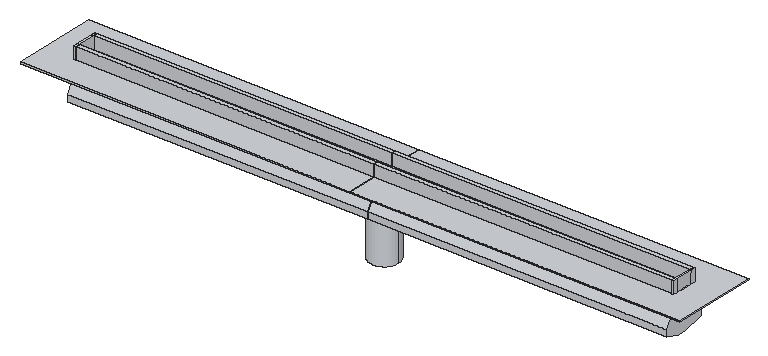
Revit family "Schlitzrinne mit Kleberand und Zarge", category Sanitärinstallationen, Revit 2020
Family settings
  Bemaßung runder Anschluss = Durchmesser verwenden
  Teiletyp = Normal
  Arbeitsebenenbasiert = Nein
  Immer vertikal = Ja
  Beim Laden mit Abzugskörper schneiden = Nein
  Gemeinsam genutzt = Nein
  Raumberechnungspunkt = Nein
Parameters
  Übergangsbride [instance] = no
  Zarge rechts [instance] = no
  Zarge links [instance] = no
  Vorgabe-Ansicht = 0 mm
  Verbindungsbügel [instance] = L Links + L Rechts  # 1000 mm
  URL = "https://www.resitec.ch/"
  Tragstab 30mm [instance] = yes
  Tragstab 25mm [instance] = no
  Tragstab 20mm [instance] = no
  Rost innen ref [instance] = Rinnen Breite innen  # 30 mm
  Rinnen Tiefe [instance] = 70 mm  # constant formula
  Rinnen Breite rechts [instance] = 500 mm
  Rinnen Breite links [instance] = 500 mm
  Rinnen Breite innen [instance] = 30 mm  # constant formula
  Rechts [instance] = yes
  RS_s002 = 2 mm  # constant formula
  RS_s001 = 3 mm  # constant formula
  RS_rechtsKR [instance] = if(RS_ZargRon, L Rechts, L Rechts + RS_KR)  # 550 mm
  RS_min80 [instance] = if(Rinnen Tiefe < 80 mm, 80 mm, Rinnen Tiefe)  # 80 mm
  RS_linksKR [instance] = if(RS_ZargLon, L Links, L Links + RS_KR)  # 550 mm
  RS_hts [instance] = if(Tragstab 20mm, 1 mm, if(Tragstab 25mm, 2 mm, if(Tragstab 30mm, 3 mm, 3 mm)))  # 3 mm
  RS_gefun [instance] = 60 mm
  RS_gefob [instance] = 40 mm
  RS_dpschon [instance] = yes
  RS_dimmin95 [instance] = 100 mm
  RS_dimk001 = 115 mm  # constant formula
  RS_dim001 = 20 mm  # constant formula
  RS_dim002 [instance] = 20 mm  # constant formula
  RS_dim003 [instance] = if(Rinnen Tiefe < RS_dim002, RS_dim002 + RS_s002, Rinnen Tiefe)  # 70 mm
  RS_dia002 = 110 mm
  RS_dia001 = 151 mm
  RS_breite Rand [instance] = 6.5 mm
  RS_ZargRon [instance] = Zarge rechts  # no
  RS_ZargLon [instance] = Zarge links  # no
  RS_RohrL [instance] = if(Länge Rohr < RS_gefun, ((RS_gefun + 10 mm) - RS_gefob), Länge Rohr)  # 150 mm
  RS_RinneRon [instance] = Rechts  # yes
  RS_RinneLon [instance] = Links  # yes
  RS_KRvorne [instance] = (Breite Aussen ref / 2) + RS_KR  # 71.5 mm
  RS_KRr [instance] = and(Rechts, Kleberand)  # yes
  RS_KRon [instance] = Kleberand  # yes
  RS_KRl [instance] = and(Links, Kleberand)  # yes
  RS_KRhinten [instance] = (Breite Aussen ref / 2) + RS_KR  # 71.5 mm
  RS_KR [instance] = 50 mm  # constant formula
  RS_Hzarge [instance] = H Zarge  # 50 mm
  RS_DN2 = 0 mm
  RS_DN1d [instance] = D  # 48.3 mm
  RS_DN1 = 100 mm  # constant formula
  RS_URL = "https://resitec.ch/entwaesserungstechnik/entwaesserungsrinnen/rinnen/"
  RS_Rost_Typ [instance] = ""
  RS_Manufacture = "Resitec"  # constant formula
  RS_Description [instance] = "mit Gefälle"
  RS_Articelnumber [instance] = "Entwässerungsrinne"
  Länge Rohr [instance] = 150 mm
  Links [instance] = yes
  L Rechts Innen ref [instance] = L Rechts - RS_breite Rand  # 493.5 mm
  L Rechts [instance] = Rinnen Breite rechts  # 500 mm
  L Links innen ref [instance] = L Links - RS_breite Rand  # 493.5 mm
  L Links [instance] = Rinnen Breite links  # 500 mm
  Kleberand [instance] = yes
  Hersteller = RS_Manufacture  # "Resitec"
  H Zarge [instance] = 50 mm
  D [instance] = 48.3 mm
  Breite Innen ref [instance] = 20 mm
  Breite Aussen ref [instance] = Rinnen Breite innen + (2 * RS_breite Rand)  # 43 mm
  Description = ""
  Baugruppenkennzeichen = "D2030300"
  Anschlusswert DU L/s = 0
Reference planes
  plane 1 "Mitte (Vorne/hinten)": y = 0
  plane 2: z = 0
  plane 3 "Mitte (Links/rechts)": x = 0
  plane 4: x = -500
  plane 5: x = 500
  plane 6: y = 10
  plane 7: y = -10
  plane 8: y = 21.5
  plane 9: y = -21.5
  plane 10: x = -493.5
  plane 11: x = 493.5
  plane 12 "ebeneKBlech": z = -20
  plane 13 "lvdim002": z = -20
  plane 14: y = 57.5
  plane 15: y = -57.5
  plane 16: y = 71.5
  plane 17: x = 550
  plane 18: y = -71.5
  plane 19: x = -550
  plane 20: z = -150
  plane 21: x = -492.5
  plane 22: y = -9
  plane 23: x = 492.5
  plane 24: y = 9
  plane 25: z = -70
  plane 26 "0001": x = -75.5
  plane 27: y = -75.5
  plane 28: y = 75.5
  plane 29: x = 75.5
  plane 30: x = -73.5
  plane 31: y = -73.5
  plane 32: y = 73.5
  plane 33: x = 73.5
  plane 34: y = 72.5
  plane 35: x = 72.5
  plane 36: y = -72.5
  plane 37: x = -72.5
  plane 38: y = 125.5
  plane 39: x = 125.5
  plane 40: y = -125.5
  plane 41: x = -125.5
  plane 42: y = 15
  plane 43: y = -15
  plane 44 "min80": z = -80
  plane 45: z = 30
Forms (mm)
  Extrusion 1, solid, visible <- "RS_KRl"
    sketch origin (0, 0, -20) x (-1, 0, 0) y (0, -1, 0)
      loop
        line (550, -71.5) -> (550, 71.5) -> (0, 71.5) -> (0, -21.5) -> (0, -71.5) -> (550, -71.5)
    from 0 to -1.8
  Extrusion 2, solid
    sketch origin (0, 0, -40) x (-1, 0, 0) y (0, -1, 0)
      loop
        circle (0, 0) r 24.15
    from -40 to -110
  Extrusion 3, solid, visible <- "RS_KRr"
    sketch origin (0, 0, -20) x (-1, 0, 0) y (0, -1, 0)
      loop
        line (0, -71.5) -> (0, 71.5) -> (-550, 71.5) -> (-550, -71.5) -> (0, -71.5)
    from 0 to -1.8
  Extrusion 4, solid, visible <- "RS_RinneRon"
    sketch origin (0, 0, -20) x (-1, 0, 0) y (0, -1, 0)
      loop
        line (0, -21.5) -> (0, -15) -> (-500, -15) -> (-500, -21.5) -> (0, -21.5)
      loop
        line (-500, 15) -> (0, 15) -> (0, 21.5) -> (-500, 21.5) -> (-500, 15)
    from 0 to 20
  Extrusion 5, solid, visible <- "RS_RinneLon"
    sketch origin (0, 0, -20) x (1, 0, 0) y (0, 1, 0)
      loop
        line (0, 21.5) -> (-500, 21.5) -> (-500, 15) -> (0, 15) -> (0, 21.5)
      loop
        line (-500, -15) -> (-500, -21.5) -> (0, -21.5) -> (0, -15) -> (-500, -15)
    from 0 to 20
  Extrusion 6, solid, visible <- "RS_RinneRon"
    sketch origin (75.5, 270.325, 1200) x (0, 1, 0) y (0, 0, -1)
      loop
        line (-264.325, 1220) -> (-235.325, 1267.053) -> (-235.325, 1277.053) -> (-269.705, 1285) -> (-280.325, 1285) -> (-305.325, 1277.053) -> (-305.325, 1267.053) -> (-276.325, 1220) -> (-264.325, 1220)
    from 75.5 to -424.5
  Extrusion 7, solid, visible <- "RS_RinneLon"
    sketch origin (-75.5, 270.325, 1200) x (0, 1, 0) y (0, 0, 1)
      loop
        line (-268.654, -1220) -> (-280.325, -1220) -> (-305.325, -1267.053) -> (-305.325, -1277.053) -> (-280.325, -1285) -> (-269.705, -1285) -> (-235.325, -1277.053) -> (-235.325, -1267.053) -> (-268.654, -1220)
    from 75.5 to -424.5
  Extrusion 8, solid, visible <- "RS_ZargLon"
    sketch origin (0, 0, -20) x (-1, 0, 0) y (0, -1, 0)
      loop
        line (550, -71.5) -> (550, 71.5) -> (548, 71.5) -> (548, -71.5) -> (550, -71.5)
    from 0 to 50
  Extrusion 9, solid, visible <- "RS_ZargRon"
    sketch origin (0, 0, -20) x (-1, 0, 0) y (0, -1, 0)
      loop
        line (-550, -71.5) -> (-548, -71.5) -> (-548, 71.5) -> (-550, 71.5) -> (-550, -71.5)
    from 0 to 50
  Extrusion 10, solid
    sketch origin (0, 0, -20) x (-1, 0, 0) y (0, -1, 0)
      loop
        line (500, -21.5) -> (500, 21.5) -> (497, 21.5) -> (497, -21.5) -> (500, -21.5)
    from 0 to 20
  Extrusion 11, solid
    sketch origin (0, 0, -20) x (-1, 0, 0) y (0, -1, 0)
      loop
        line (-500, -21.5) -> (-497, -21.5) -> (-497, 21.5) -> (-500, 21.5) -> (-500, -21.5)
    from 0 to 20
Dimensions and locks
  equal spacing: plane 7, plane 1 "Mitte (Vorne/hinten)", plane 6
  "L Links": plane 4 to plane 3 "Mitte (Links/rechts)"
  "L Rechts": plane 3 "Mitte (Links/rechts)" to plane 5
  "Breite Innen ref": plane 6 to plane 7
  equal spacing: plane 9, plane 1 "Mitte (Vorne/hinten)", plane 8
  "Breite Aussen ref": plane 8 to plane 9
  "L Links innen ref": plane 10 to plane 3 "Mitte (Links/rechts)"
  "L Rechts Innen ref": plane 3 "Mitte (Links/rechts)" to plane 11
  "RS_dim001": level to plane 12 "ebeneKBlech"
  "RS_dim002": level to plane 13 "lvdim002"
  equal spacing: plane 15, plane 1 "Mitte (Vorne/hinten)", plane 14
  "RS_dimk001": plane 14 to plane 15
  "RS_linksKR": plane 19 to plane 3 "Mitte (Links/rechts)"
  "RS_rechtsKR": plane 3 "Mitte (Links/rechts)" to plane 17
  "RS_KRhinten": plane 1 "Mitte (Vorne/hinten)" to plane 16
  "RS_KRvorne": plane 18 to plane 1 "Mitte (Vorne/hinten)"
  locked: plane 24 to plane 6 at 1
  locked: plane 10 to plane 21 at 1
  locked: plane 23 to plane 11 at 1
  locked: plane 22 to plane 7 at 1
  plane 12 "ebeneKBlech" to Extrusion 1 = 1.8 mm
  "RS_dim003": level to plane 25
  "Länge Rohr": level to plane 20
  equal spacing: plane 27, plane 1 "Mitte (Vorne/hinten)", plane 28
  equal spacing: plane 26 "0001", plane 3 "Mitte (Links/rechts)", plane 29
  "RS_dia001": plane 26 "0001" to plane 29
  "RS_dia001": plane 28 to plane 27
  "RS_s002": plane 28 to plane 32
  "RS_s002": plane 33 to plane 29
  "RS_s002": plane 31 to plane 27
  "RS_s002": plane 26 "0001" to plane 30
  locked: plane 30 to plane 37 at 1
  locked: plane 35 to plane 33 at 1
  locked: plane 32 to plane 34 at 1
  locked: plane 36 to plane 31 at 1
  "RS_KR": plane 41 to plane 26 "0001"
  "RS_KR": plane 29 to plane 39
  "RS_KR": plane 38 to plane 28
  "RS_KR": plane 27 to plane 40
  locked: plane 12 "ebeneKBlech" to Extrusion 1 at 1.8
  equal spacing: plane 42, plane 1 "Mitte (Vorne/hinten)", plane 43
  "Rost innen ref": plane 42 to plane 43
  "RS_min80": level to plane 44 "min80"
  plane 12 "ebeneKBlech" to Extrusion 6 sketch curve = 47.053 mm  (x2)
  plane 12 "ebeneKBlech" to Extrusion 6 sketch curve = 57.053 mm  (x2)
  equal spacing: Extrusion 6 sketch curve, plane 1 "Mitte (Vorne/hinten)", Extrusion 6 sketch curve
  Extrusion 6 sketch curve to Extrusion 6 sketch curve = 70 mm
  plane 12 "ebeneKBlech" to Extrusion 6 sketch curve = 65 mm
  plane 12 "ebeneKBlech" to Extrusion 6 = 65 mm
  plane 12 "ebeneKBlech" to Extrusion 7 sketch curve = 57.053 mm  (x2)
  plane 12 "ebeneKBlech" to Extrusion 7 sketch curve = 47.053 mm  (x2)
  equal spacing: Extrusion 6, plane 1 "Mitte (Vorne/hinten)", Extrusion 6
  Extrusion 6 to Extrusion 6 = 70 mm
  locked: plane 12 "ebeneKBlech" to Extrusion 6 at 65
  Extrusion 6 to plane 12 "ebeneKBlech" = 65 mm
  plane 12 "ebeneKBlech" to Extrusion 7 sketch curve = 65 mm
  equal spacing: Extrusion 7 sketch curve, plane 1 "Mitte (Vorne/hinten)", Extrusion 7 sketch curve
  Extrusion 7 sketch curve to Extrusion 7 sketch curve = 70 mm
  plane 3 "Mitte (Links/rechts)" to Extrusion 6 = 500 mm
  "RS_s002": plane 19 to Extrusion 8 sketch curve
  "RS_s002": Extrusion 9 sketch curve to plane 17
  "RS_Hzarge": plane 45 to plane 12 "ebeneKBlech"
  "RS_s001": plane 4 to Extrusion 10 sketch curve
  "RS_s001": plane 4 to Extrusion 10
  "RS_s001": Extrusion 11 sketch curve to plane 5
  "RS_s001": Extrusion 11 to plane 5
  "RS_DN1d": diameter of Extrusion 2 sketch curve
  angle Extrusion 6 sketch curve to Extrusion 6 sketch curve = 63.2927°
  angle Extrusion 6 sketch curve to Extrusion 6 sketch curve = 149.352°
  angle Extrusion 6 to Extrusion 6 = 149.352°
  angle Extrusion 6 to Extrusion 6 = 63.2927°
  locked: Extrusion 6 to Extrusion 6 (angle 63.2927°)
  locked: Extrusion 6 to Extrusion 6 (angle 149.352°)
  angle Extrusion 7 sketch curve to Extrusion 7 sketch curve = 63.2927°
  angle Extrusion 7 sketch curve to Extrusion 7 sketch curve = 149.352°
  aligned and locked: level to plane 2
  aligned and locked: plane 19 to Extrusion 1 sketch curve
  aligned and locked: Extrusion 1 sketch curve to plane 18
  aligned and locked: Extrusion 1 sketch curve to plane 16
  aligned and locked: Extrusion 2 to plane 20
  aligned and locked: plane 12 "ebeneKBlech" to Extrusion 1
  aligned and locked: Extrusion 3 sketch curve to plane 16
  aligned and locked: Extrusion 3 sketch curve to plane 18
  aligned and locked: Extrusion 3 sketch curve to plane 17
  aligned and locked: Extrusion 4 sketch curve to plane 8
  aligned and locked: plane 9 to Extrusion 4 sketch curve
  aligned and locked: Extrusion 4 sketch curve to plane 5  (x2)
  aligned and locked: level to Extrusion 4
  aligned and locked: Extrusion 4 to plane 12 "ebeneKBlech"
  aligned and locked: level to Extrusion 5
  aligned and locked: Extrusion 5 to plane 12 "ebeneKBlech"
  aligned and locked: Extrusion 5 to plane 4
  aligned and locked: plane 5 to Extrusion 6
  aligned and locked: Extrusion 7 to plane 4
  aligned and locked: Extrusion 6 to plane 3 "Mitte (Links/rechts)"
  aligned and locked: plane 3 "Mitte (Links/rechts)" to Extrusion 7
  aligned and locked: plane 3 "Mitte (Links/rechts)" to Extrusion 5  (x2)
  aligned and locked: plane 3 "Mitte (Links/rechts)" to Extrusion 1
  aligned and locked: plane 3 "Mitte (Links/rechts)" to Extrusion 3 sketch curve
  aligned and locked: plane 3 "Mitte (Links/rechts)" to Extrusion 4 sketch curve  (x2)
  aligned and locked: plane 42 to Extrusion 4 sketch curve
  aligned and locked: Extrusion 4 sketch curve to plane 43
  aligned and locked: Extrusion 8 sketch curve to Extrusion 1  (x2)
  aligned and locked: Extrusion 8 sketch curve to plane 18
  aligned and locked: Extrusion 9 sketch curve to Extrusion 3  (x2)
  aligned and locked: plane 18 to Extrusion 9 sketch curve
  aligned and locked: plane 45 to Extrusion 9
  aligned and locked: Extrusion 9 to plane 12 "ebeneKBlech"
  aligned and locked: plane 45 to Extrusion 8
  aligned and locked: Extrusion 8 to plane 12 "ebeneKBlech"
  aligned and locked: plane 44 "min80" to Extrusion 2
  aligned and locked: Extrusion 10 to plane 4
  aligned and locked: plane 8 to Extrusion 10
  aligned and locked: Extrusion 10 to plane 9
  aligned and locked: level to Extrusion 10
  aligned and locked: Extrusion 10 to plane 12 "ebeneKBlech"
  aligned and locked: plane 8 to Extrusion 11
  aligned and locked: Extrusion 11 to plane 9
  aligned and locked: plane 5 to Extrusion 11
  aligned and locked: level to Extrusion 11
  aligned and locked: Extrusion 11 to plane 12 "ebeneKBlech"
Automatic sketch dimensions
  Extrusion 1 sketch curve to plane 8 = 0 mm
  Extrusion 1 sketch curve to plane 41 = 125.5 mm
  Extrusion 6 sketch curve to plane 7 = 0 mm
  plane 7 to Extrusion 6 sketch curve = 4 mm
  Extrusion 6 sketch curve to plane 6 = 4 mm
  Extrusion 7 sketch curve to plane 7 = 0 mm  (x2)
  Extrusion 7 sketch curve to plane 12 "ebeneKBlech" = 0 mm
  Extrusion 5 sketch curve to plane 4 = 0 mm  (x2)
  Extrusion 5 sketch curve to plane 3 "Mitte (Links/rechts)" = 0 mm  (x2)
  Extrusion 5 sketch curve to plane 8 = 0 mm
  Extrusion 5 sketch curve to plane 42 = 0 mm
  Extrusion 5 sketch curve to plane 43 = 0 mm
  Extrusion 5 sketch curve to plane 9 = 0 mm
  plane 1 "Mitte (Vorne/hinten)" to Extrusion 2 sketch curve = 0 mm
  Extrusion 2 sketch curve to plane 3 "Mitte (Links/rechts)" = 0 mm
  Extrusion 10 sketch curve to plane 4 = 0 mm
  Extrusion 10 sketch curve to plane 8 = 0 mm
  Extrusion 10 sketch curve to plane 9 = 0 mm
  Extrusion 11 sketch curve to plane 5 = 0 mm
  Extrusion 11 sketch curve to plane 8 = 0 mm
  Extrusion 11 sketch curve to plane 9 = 0 mm
